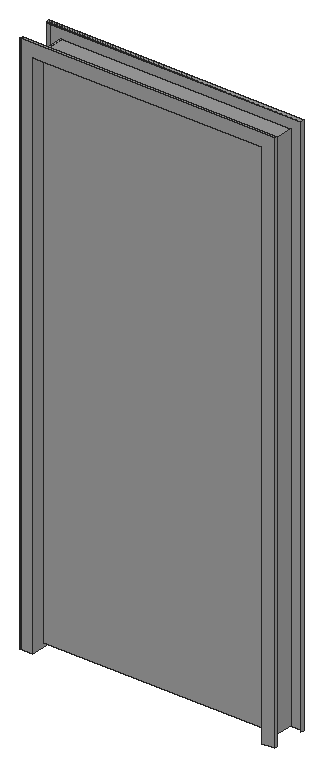
Revit family "gdlr200508_MMIDoor-COS", category Doors, host Wall, Revit 2014
Parameters (values of type "F")
  Wall Thickness [instance] = 0' - 6"
  Visual Light Transmittance = 0
  Vision Cutout = no
  Undercut [instance] = if(and(Desired Undercut > if(Nominal Height > 7' 11", 0' 0 11/16", 0' 0 1/4"), Desired Undercut < (3' 2" - 0' 4" - 0' 5 1/4")), Desired Undercut, if(Desired Undercut < 0' 0 3/4", if(Nominal Height > 7' 11", 0' 0 3/4", 0' 0 1/4"), (3' 2" - 0' 4" - 0' 5 1/4")))  # 0' - 0 3/4"
  URL = "http://mmiopenings.com/"
  Top Louver Blades [instance] = ((Top Cutout Height - 0' 0 11/16") / Louver Spacing)  # 11
  Narrow Cutout = no
  Top Glass = no
  Model = "COS-F"
  MMIOE HW Item VF [instance] = ""
  MMIOE HW Item MS [instance] = ""
  MMIOE HW Item LVR [instance] = ""
  MMIOE HW Item HNG [instance] = "dorma BTS75V"
  MMIOE HW Item ED [instance] = ""
  MMIOE HW Item DC [instance] = ""
  MMIOE HW Item DB [instance] = ""
  MMIOE HW Item CL [instance] = ""
  Louver Spacing [instance] = 0' - 1"  # constant formula
  Hinge Edge to Wall [instance] = if(Masonry, 0' 2 5/8", 0' 1 5/8")  # 0' - 2 5/8"
  Hardware Set = "01"
  Half Cutout = no
  Glass Finish [instance] = MMI Glass
  Desired Undercut [instance] = 0' - 0 3/4"
  Desired Cutout to Top [instance] = 0' - 0"
  Desired Cutout to Strike Edge [instance] = 0' - 0"
  Desired Cutout to Bottom [instance] = 0' - 0"
  Desired Bottom Cutout Width [instance] = 1' - 0"
  Desired Bottom Cutout Height [instance] = 1' - 0"
  Description = "Flush Single Door with Cased Opening Frame"
  Bottom Louver Blades [instance] = ((Bottom Cutout Height - 0' 0 11/16") / Louver Spacing)  # 11
  Bottom Glass = no
  Bottom Cutout to Strike Edge [instance] = (Net Width - Bottom Cutout Width) / 2  # 0' - 11 5/8"
  Bottom Cutout Width [instance] = if(and((Net Width - Desired Bottom Cutout Width) > (0' 5 5/8" * 2), Desired Bottom Cutout Width > 0' 3 15/16"), Desired Bottom Cutout Width, if(Desired Bottom Cutout Width < 0' 4", 0' 4", Net Width - (0' 5 5/8" * 2)))  # 1' - 0"
  Bottom Cutout Visibility [instance] = if(Bottom Cutout, 0' 1 3/4", -0' 1 3/4")  # -0' - 1 3/4"
  Bottom Cutout Height [instance] = if(and(Desired Bottom Cutout Height < (3' 2" - 0' 5 1/4"), Desired Bottom Cutout Height > 0' 3 15/16"), Desired Bottom Cutout Height, if(Desired Bottom Cutout Height < 0' 4", 0' 4", (3' 2" - 0' 5 1/4")))  # 1' - 0"
  Bottom Cutout = no
  Full Cutout = no
  Desired Top Cutout Width [instance] = 1' - 0"
  Desired Top Cutout Height [instance] = 1' - 0"
  Cutout to Top [instance] = if(and(Desired Cutout to Top > 0' 7 13/16", Desired Cutout to Top < Nominal Height - if(Full Cutout, 0' 0 1/8" + Top Cutout Height + Undercut + 0' 5 1/4", 0' 0 1/8" + Top Cutout Height + 3' 8")), Desired Cutout to Top, if(Desired Cutout to Top < 0' 7 7/8", 0' 7 7/8", Nominal Height - 0' 0 1/8" - Top Cutout Height - if(Full Cutout, Undercut + 0' 5 1/4", 3' 8")))  # 0' - 7 7/8"
  Top Cutout to Strike Edge [instance] = if(Narrow Cutout, if(and(Desired Cutout to Strike Edge > 0' 5 5/8", Desired Cutout to Strike Edge < Net Width - Top Cutout Width - 0' 5 5/8"), Desired Cutout to Strike Edge, 0' 5 5/8"), (Net Width - Top Cutout Width) / 2)  # 0' - 11 5/8"
  Cutout to Bottom [instance] = if(and(Desired Cutout to Bottom > 0' 5 3/16", Desired Cutout to Bottom < (3' 2" - Bottom Cutout Height)), Desired Cutout to Bottom, if(Desired Cutout to Bottom < 0' 5 1/4", 0' 5 1/4", 3' 2" - Bottom Cutout Height))  # 0' - 5 1/4"
  Thickness = 0' - 1 3/4"  # constant formula
  Thermal Resistance (R) = 0.2701 (m²·K)/W
  Solar Heat Gain Coefficient = 0
  Rough Width [instance] = Nominal Width + Frame Width Inset  # 3' - 4"
  Rough Height [instance] = Nominal Height + Frame Height Inset  # 7' - 2"
  Nominal Width [instance] = if(and(Desired Nominal Width < 4' 0 1/16", Desired Nominal Width > 1' 0"), Desired Nominal Width, if(Desired Nominal Width > 4' 0 1/16", 4' 0", 1' 0"))  # 3' - 0"
  Nominal Height [instance] = if(and(Desired Nominal Height < 8' 0 1/16", Desired Nominal Height > 6' 8"), Desired Nominal Height, if(Desired Nominal Height > 8' 0 1/16", 8' 0", 6' 8"))  # 7' - 0"
  Net Width [instance] = Nominal Width - 0' 0 5/8" - 0' 0 1/8"  # 2' - 11 1/4"
  Net Height [instance] = Nominal Height - Undercut - 0' 0 1/8"  # 6' - 11 1/8"
  Masonry Frame Profile [instance] = if(Masonry, if(and(Desired Profile < 1' 1 1/2", Desired Profile > 0' 3 3/4"), Desired Profile, if(Desired Profile > 1' 1 1/2", 1' 1 1/2", 0' 3 3/4")), Wall Thickness)  # 0' - 5 3/4"
  Frame Inset [instance] = (Wall Thickness - Masonry Frame Profile) / 2  # 0' - 0 1/8"
  Masonry [instance] = yes
  Manufacturer = "Metal Maufacturing Industries"
  Lock Height [instance] = 3' 3 9/16" + 0' 0 3/4"  # 3' - 4 5/16"
  Jamb Face [instance] = 0' - 2"  # constant formula
  Inset Calculate [instance] = Frame Inset + 0' 0 1/2" + (Masonry Frame Profile / 2) - (Thickness / 2)  # 0' - 2 5/8"
  Heat Transfer Coefficient (U) = 3.7021 W/(m²·K)
  Header Face [instance] = 0' - 2"  # constant formula
  Function = Exterior
  Frame Width Inset [instance] = if(Masonry, Jamb Face * 2, 0' 2")  # 0' - 4"
  Frame Projection Ext. = 0' - 1"
  Frame Projection Int. = 0' - 1"
  Frame Width = 0' - 3"
  Height = 7' - 0"
  Wall Closure = By host
  Width = 3' - 0"
  Frame Height Inset [instance] = if(Masonry, Header Face, 0' 1")  # 0' - 2"
  Frame Finish [instance] = MMI Gray Primer
  Drywall Frame Profile [instance] = if(Masonry, Wall Thickness + 0' 1", if(Wall Thickness < 0' 8 1/2", Wall Thickness + 0' 1", 0' 9 1/2"))  # 0' - 7"
  Drywall [instance] = not(Masonry)  # no
  Door Type [instance] = "Flush"
  Door Material [instance] = "Cold Rolled"
  Door Gauge [instance] = "18"
  Door Finish [instance] = MMI Gray Primer
  Desired Profile [instance] = 0' - 5 3/4"
  Desired Nominal Width [instance] = 3' - 0"
  Desired Nominal Height [instance] = 7' - 0"
  Top Cutout Width [instance] = if(and((Net Width - Desired Top Cutout Width) > (0' 5 5/8" * 2), Desired Top Cutout Width > 0' 3 15/16"), Desired Top Cutout Width, if(Desired Top Cutout Width < 0' 4", 0' 4", Net Width - (0' 5 5/8" * 2)))  # 1' - 0"
  Top Cutout Height [instance] = if(and(Desired Top Cutout Height < (Nominal Height - 0' 8" - Undercut - 0' 5 1/4"), Desired Top Cutout Height > 0' 3 15/16"), Desired Top Cutout Height, if(Desired Top Cutout Height < 0' 4", 0' 4", Nominal Height - 0' 8" - Undercut - 0' 5 1/4"))  # 1' - 0"
  Top Cutout Visibility [instance] = if(or(or(Vision Cutout, Narrow Cutout), or(Half Cutout, Full Cutout)), 0' 1 3/4", -0' 1 3/4")  # -0' - 1 3/4"
  Core [instance] = "Honey Comb"
  Bottom Louver = no
  Backset [instance] = 0' - 2 3/4"  # constant formula
  Analytic Construction = "Metal"
  Top Louver = no
Types (11): name | Vision Cutout | Top Louver Blades | Narrow Cutout | Top Glass | Model | MMIOE HW Item VF | MMIOE HW Item LVR | Hardware Set | Half Cutout | Desired Cutout to Top | Desired Cutout to Strike Edge | Desired Cutout to Bottom | Desired Bottom Cutout Width | Desired Bottom Cutout Height | Description | Bottom Louver Blades | Bottom Glass | Bottom Cutout to Strike Edge | Bottom Cutout Width | Bottom Cutout Visibility | Bottom Cutout Height | Bottom Cutout | Full Cutout | Desired Top Cutout Width | Desired Top Cutout Height | Cutout to Top | Top Cutout to Strike Edge | Door Type | Top Cutout Width | Top Cutout Height | Top Cutout Visibility | Bottom Louver | Top Louver
  (no name) | no | 11 | no | no | "COS-F" | "" | "" | "01" | no | 0' - 0" | 0' - 0" | 0' - 0" | 1' - 0" | 1' - 0" | "Flush Single Door with Cased Opening Frame" | 11 | no | 0' - 11 5/8" | 1' - 0" | -0' - 1 3/4" | 1' - 0" | no | no | 1' - 0" | 1' - 0" | 0' - 7 7/8" | 0' - 11 5/8" | "Flush" | 1' - 0" | 1' - 0" | -0' - 1 3/4" | no | no
  F | no | 11 | no | no | "COS-F" | "" | "" | "01" | no | 0' - 0" | 0' - 0" | 0' - 0" | 1' - 0" | 1' - 0" | "Flush Single Door with Cased Opening Frame" | 11 | no | 0' - 11 5/8" | 1' - 0" | -0' - 1 3/4" | 1' - 0" | no | no | 1' - 0" | 1' - 0" | 0' - 7 7/8" | 0' - 11 5/8" | "Flush" | 1' - 0" | 1' - 0" | -0' - 1 3/4" | no | no
  HG | no | 31 | no | yes | "COS-HG" | "anemostat LOPRO" | "" | "06" | yes | 0' - 7 7/8" | 0' - 0" | 0' - 0" | 0' - 0" | 0' - 0" | "Half Glass Single Door with Cased Opening Frame" | 3 | no | 1' - 3 5/8" | 0' - 4" | -0' - 1 3/4" | 0' - 4" | no | no | 2' - 0" | 2' - 8" | 0' - 7 7/8" | 0' - 5 5/8" | "Half Glass" | 2' - 0" | 2' - 8" | 0' - 1 3/4" | no | no
  V | yes | 11 | no | yes | "COS-V" | "anemostat LOPRO" | "" | "10" | no | 0' - 7 7/8" | 0' - 0" | 0' - 0" | 0' - 0" | 0' - 0" | "Vision Single Door with Cased Opening Frame" | 3 | no | 1' - 3 5/8" | 0' - 4" | -0' - 1 3/4" | 0' - 4" | no | no | 1' - 0" | 1' - 0" | 0' - 7 7/8" | 0' - 11 5/8" | "Vision" | 1' - 0" | 1' - 0" | 0' - 1 3/4" | no | no
  NG | no | 34 | yes | yes | "COS-NG" | "anemostat LOPRO" | "" | "09" | no | 0' - 7 7/8" | 0' - 5 7/8" | 0' - 0" | 0' - 0" | 0' - 0" | "Narrow Glass Single Door with Cased Opening Frame" | 3 | no | 1' - 3 5/8" | 0' - 4" | -0' - 1 3/4" | 0' - 4" | no | no | 0' - 6" | 2' - 11" | 0' - 4 7/8" | 0' - 5 7/8" | "Narrow Glass" | 0' - 6" | 2' - 11" | 0' - 1 3/4" | no | no
  G2 | no | 31 | no | yes | "OOS-G2" | "anemostat LOPRO" | "" | "04" | yes | 0' - 7 7/8" | 0' - 0" | 0' - 5 1/4" | 3' - 0" | 2' - 8" | "Double Glass Single Door with Cased Opening Frame" | 31 | yes | 0' - 5 5/8" | 2' - 0" | 0' - 1 3/4" | 2' - 8" | yes | no | 3' - 0" | 2' - 8" | 0' - 7 7/8" | 0' - 5 5/8" | "Double Glass" | 2' - 0" | 2' - 8" | 0' - 1 3/4" | no | no
  L2 | no | 31 | no | no | "COS-L2" | "" | "anemostat AFDL" | "08" | yes | 0' - 7 7/8" | 0' - 0" | 0' - 5 1/4" | 2' - 0" | 2' - 8" | "Double Louver Single Door with Cased Opening Frame" | 31 | no | 0' - 5 5/8" | 2' - 0" | 0' - 1 3/4" | 2' - 8" | yes | no | 2' - 0" | 2' - 8" | 0' - 7 7/8" | 0' - 5 5/8" | "Double Louver" | 2' - 0" | 2' - 8" | 0' - 1 3/4" | yes | yes
  L | no | 3 | no | no | "COS-L" | "" | "anemostat AFDL" | "07" | no | 0' - 0" | 0' - 0" | 0' - 5 1/4" | 2' - 0" | 1' - 0" | "Louver Single Door with Cased Opening Frame" | 11 | no | 0' - 5 5/8" | 2' - 0" | 0' - 1 3/4" | 1' - 0" | yes | no | 0' - 0" | 0' - 0" | 0' - 7 7/8" | 1' - 3 5/8" | "Louver" | 0' - 4" | 0' - 4" | -0' - 1 3/4" | yes | no
  GL | no | 31 | no | yes | "COS-GL" | "anemostat LOPRO" | "anemostat AFDL" | "05" | yes | 0' - 7 7/8" | 0' - 0" | 0' - 5 1/4" | 2' - 0" | 1' - 0" | "Glass & Louver Single Door with Cased Opening Frame" | 11 | no | 0' - 5 5/8" | 2' - 0" | 0' - 1 3/4" | 1' - 0" | yes | no | 2' - 0" | 2' - 8" | 0' - 7 7/8" | 0' - 5 5/8" | "Glass & Louver" | 2' - 0" | 2' - 8" | 0' - 1 3/4" | yes | no
  FL | no | 69 | no | no | "COS-FL" | "" | "anemostat LOPRO" | "03" | no | 0' - 7 7/8" | 0' - 0" | 0' - 0" | 0' - 0" | 0' - 0" | "Full Louver Single Door with Cased Opening Frame" | 3 | no | 1' - 3 5/8" | 0' - 4" | -0' - 1 3/4" | 0' - 4" | no | yes | 2' - 0" | 5' - 10" | 0' - 7 7/8" | 0' - 5 5/8" | "Full Louver" | 2' - 0" | 5' - 10" | 0' - 1 3/4" | no | yes
  FG | no | 65 | no | yes | "COS-FG" | "anemostat LOPRO" | "" | "02" | no | 0' - 7 7/8" | 0' - 0" | 0' - 0" | 0' - 0" | 0' - 0" | "Full Glass Single Door with Cased Opening Frame" | 3 | no | 1' - 3 5/8" | 0' - 4" | -0' - 1 3/4" | 0' - 4" | no | yes | 2' - 0" | 5' - 6" | 0' - 7 7/8" | 0' - 5 5/8" | "Full Glass" | 2' - 0" | 5' - 6" | 0' - 1 3/4" | no | no
Reference planes (in)
  plane 1: y = 0
  plane 2 "Center (Left/Right)": x = 0
  plane 3 "Left": x = -20
  plane 4 "Right": x = 20
  plane 5: z = 86
  plane 6 "Exterior": y = 3
  plane 7 "Interior": y = -3
  plane 8: y = 3.5
  plane 9: y = -3.5
  plane 10 "Door Face": y = 0.875
Forms (in)
  Sweep 1, solid, material "MMI Gray Primer" <- "Frame Finish", visible <- "Masonry"
    path origin (-196.85039, 0, 0) x (-1, 0, 0) y (0, 0, 1)
      loop
        line (-216.85039, 0) -> (-216.85039, 86) -> (-176.85039, 86) -> (-176.85039, 0)
    profile origin (20, 0, 43) x (1, 0, 0) y (0, 1, 0)
      loop
        line (0, 2.375) -> (0, 2.875) -> (-2, 2.875) -> (-2, -2.875) -> (0, -2.875) -> (0, -2.375) -> (-0.0625, -2.375) -> (-0.0625, -2.8125) -> (-1.9375, -2.8125) -> (-1.9375, 2.8125) -> (-0.0625, 2.8125) -> (-0.0625, 2.375) -> (0, 2.375)
  Sweep 2, solid, material "MMI Gray Primer" <- "Frame Finish", visible <- "Drywall"
    path origin (-196.85039, 0, 0) x (-1, 0, 0) y (0, 0, 1)
      loop
        line (-176.85039, 0) -> (-176.85039, 86) -> (-216.85039, 86) -> (-216.85039, 0)
    profile origin (20, 0, 43) x (0, 1, 0) y (-1, 0, 0)
      loop
        line (3, -1) -> (3.5, -1) -> (3.5, 1) -> (-3.5, 1) -> (-3.5, -1) -> (-3, -1) -> (-3, -0.75) -> (-3.0625, -0.75) -> (-3.0625, -0.9375) -> (-3.4375, -0.9375) -> (-3.4375, 0.9375) -> (3.4375, 0.9375) -> (3.4375, -0.9375) -> (3.0625, -0.9375) -> (3.0625, -0.75) -> (3, -0.75) -> (3, -1)
  Extrusion 3, solid, material "MMI Gray Primer" <- "Door Finish", detail levels medium+fine
    sketch origin (0, 0.875, 0) x (1, 0, 0) y (0, 0, 1)
      loop
        line (17.375, 0.75) -> (17.375, 83.875) -> (-17.875, 83.875) -> (-17.875, 0.75) -> (17.375, 0.75)
    from 0 to 1.75
  Extrusion 4, void
    sketch origin (0, 0.875, 0) x (1, 0, 0) y (0, 0, 1)
      loop
        line (5.75, 76) -> (-6.25, 76) -> (-6.25, 64) -> (5.75, 64) -> (5.75, 76)
    from -0.5 to -1.75 <- "Top Cutout Visibility"
  Extrusion 5, void
    sketch origin (0, 0.875, -38) x (1, 0, 0) y (0, 0, 1)
      loop
        line (5.75, 56) -> (-6.25, 56) -> (-6.25, 44) -> (5.75, 44) -> (5.75, 56)
    from -0.5 to -1.75 <- "Bottom Cutout Visibility"
  Extrusion 6, solid, material "MMI Glass" <- "Glass Finish", visible <- "Top Glass", detail levels fine
    sketch origin (0, 0.875, 0) x (1, 0, 0) y (0, 0, 1)
      loop
        line (5.75, 76) -> (-6.25, 76) -> (-6.25, 64) -> (5.75, 64) -> (5.75, 76)
    from 0.75 to 1
  Sweep 7, solid, material "Satin Chrome", visible <- "Top Glass", detail levels fine
    path origin (0, -0.125, 0) x (1, 0, 0) y (0, 0, 1)
      loop
        line (5.75, 64) -> (5.75, 76) -> (-6.25, 76) -> (-6.25, 64) -> (5.75, 64)
    profile origin (5.75, -0.125, 70) x (-1, 0, 0) y (0, -1, 0)
      loop
        line (-0.5, -1) -> (-0.5, -1.07813) -> (0.5, -1.07813) -> (1, -0.3125) -> (0, -0.3125) -> (0, 0.0625) -> (1, 0.0625) -> (0.5, 0.82812) -> (-0.5, 0.82812) -> (-0.5, 0.75) -> (0.45771, 0.75) -> (0.85567, 0.14062) -> (-0.07813, 0.14062) -> (-0.07813, -0.39063) -> (0.85567, -0.39063) -> (0.45771, -1) -> (-0.5, -1)
  Sweep 8, solid, material "Satin Chrome", visible <- "Bottom Glass", detail levels fine
    path origin (0, -0.125, -38) x (1, 0, 0) y (0, 0, 1)
      loop
        line (5.75, 44) -> (5.75, 56) -> (-6.25, 56) -> (-6.25, 44) -> (5.75, 44)
    profile origin (5.75, -0.125, 12) x (-1, 0, 0) y (0, -1, 0)
      loop
        line (-0.5, -1) -> (-0.5, -1.07813) -> (0.5, -1.07813) -> (1, -0.3125) -> (0, -0.3125) -> (0, 0.0625) -> (1, 0.0625) -> (0.5, 0.82812) -> (-0.5, 0.82812) -> (-0.5, 0.75) -> (0.45771, 0.75) -> (0.85567, 0.14062) -> (-0.07813, 0.14062) -> (-0.07813, -0.39063) -> (0.85567, -0.39063) -> (0.45771, -1) -> (-0.5, -1)
  Sweep 9, solid, material "Satin Chrome", visible <- "Bottom Louver", detail levels fine
    path origin (0, -0.125, 0) x (1, 0, 0) y (0, 0, 1)
      loop
        line (5.75, 6) -> (5.75, 18) -> (-6.25, 18) -> (-6.25, 6) -> (5.75, 6)
    profile origin (-0.25, -0.125, 6) x (0, 0, -1) y (0, -1, 0)
      loop
        line (0.4375, 0.75) -> (0.25, 1) -> (-0.6875, 1) -> (-0.6875, 0.4375) -> (-0.125, 0.4375) -> (-0.125, -0.6875) -> (-0.6875, -0.6875) -> (-0.6875, -1.25) -> (0.25, -1.25) -> (0.4375, -1) -> (0.36914, -1) -> (0.22266, -1.19531) -> (-0.63281, -1.19531) -> (-0.63281, -0.74219) -> (-0.07031, -0.74219) -> (-0.07031, 0.49219) -> (-0.63281, 0.49219) -> (-0.63281, 0.94531) -> (0.22266, 0.94531) -> (0.36914, 0.75) -> (0.4375, 0.75)
  Sweep 10, solid, material "Satin Chrome", visible <- "Top Louver", detail levels fine
    path origin (0, -0.125, 38) x (1, 0, 0) y (0, 0, 1)
      loop
        line (5.75, 26) -> (5.75, 38) -> (-6.25, 38) -> (-6.25, 26) -> (5.75, 26)
    profile origin (-0.25, -0.125, 64) x (0, 0, -1) y (0, -1, 0)
      loop
        line (0.4375, 0.75) -> (0.25, 1) -> (-0.6875, 1) -> (-0.6875, 0.4375) -> (-0.125, 0.4375) -> (-0.125, -0.6875) -> (-0.6875, -0.6875) -> (-0.6875, -1.25) -> (0.25, -1.25) -> (0.4375, -1) -> (0.36914, -1) -> (0.22266, -1.19531) -> (-0.63281, -1.19531) -> (-0.63281, -0.74219) -> (-0.07031, -0.74219) -> (-0.07031, 0.49219) -> (-0.63281, 0.49219) -> (-0.63281, 0.94531) -> (0.22266, 0.94531) -> (0.36914, 0.75) -> (0.4375, 0.75)
  Extrusion 11, solid, material "Satin Chrome", visible <- "Bottom Louver", detail levels fine
    sketch origin (5.75, 0.875, 6) x (0, 0, 1) y (0, 1, 0)
      loop
        line (0.6875, -0.3125) -> (0.6875, -0.35937) -> (1.10558, -0.35937) -> (1.62121, -0.875) -> (1.10558, -1.39062) -> (0.6875, -1.39062) -> (0.6875, -1.4375) -> (1.125, -1.4375) -> (1.6875, -0.875) -> (1.125, -0.3125) -> (0.6875, -0.3125)
    from 0 to 12 <- "Bottom Cutout Width"
  Extrusion 12, solid, material "Satin Chrome", visible <- "Bottom Louver", detail levels fine
    sketch origin (5.75, 0.875, 7) x (0, 0, 1) y (0, 1, 0)
      loop
        line (0.6875, -0.3125) -> (0.6875, -0.35937) -> (1.10558, -0.35937) -> (1.62121, -0.875) -> (1.10558, -1.39062) -> (0.6875, -1.39062) -> (0.6875, -1.4375) -> (1.125, -1.4375) -> (1.6875, -0.875) -> (1.125, -0.3125) -> (0.6875, -0.3125)
    from 0 to 12 <- "Bottom Cutout Width"
  Extrusion 13, solid, material "MMI Glass" <- "Glass Finish", visible <- "Bottom Glass", detail levels fine
    sketch origin (0, 0.875, -38) x (1, 0, 0) y (0, 0, 1)
      loop
        line (5.75, 56) -> (-6.25, 56) -> (-6.25, 44) -> (5.75, 44) -> (5.75, 56)
    from 0.75 to 1
  Extrusion 14, solid, material "Satin Chrome", visible <- "Top Louver", detail levels fine
    sketch origin (5.75, 0.875, 48) x (0, 0, 1) y (0, 1, 0)
      loop
        line (26.75, -0.3125) -> (26.3125, -0.3125) -> (26.3125, -0.35937) -> (26.73058, -0.35937) -> (27.24621, -0.875) -> (26.73058, -1.39062) -> (26.3125, -1.39062) -> (26.3125, -1.4375) -> (26.75, -1.4375) -> (27.3125, -0.875) -> (26.75, -0.3125)
    from 0 to 12 <- "Top Cutout Width"
  Extrusion 15, solid, material "Satin Chrome", visible <- "Top Louver", detail levels fine
    sketch origin (5.75, 0.875, 47) x (0, 0, 1) y (0, 1, 0)
      loop
        line (26.75, -0.3125) -> (26.3125, -0.3125) -> (26.3125, -0.35937) -> (26.73058, -0.35937) -> (27.24621, -0.875) -> (26.73058, -1.39062) -> (26.3125, -1.39062) -> (26.3125, -1.4375) -> (26.75, -1.4375) -> (27.3125, -0.875) -> (26.75, -0.3125)
    from 0 to 12 <- "Top Cutout Width"
  Extrusion 16, solid, material "Satin Chrome", visible <- "Bottom Louver", detail levels fine
    sketch origin (5.75, 0.875, 8) x (0, 0, 1) y (0, 1, 0)
      loop
        line (0.6875, -0.3125) -> (0.6875, -0.35937) -> (1.10558, -0.35937) -> (1.62121, -0.875) -> (1.10558, -1.39062) -> (0.6875, -1.39062) -> (0.6875, -1.4375) -> (1.125, -1.4375) -> (1.6875, -0.875) -> (1.125, -0.3125) -> (0.6875, -0.3125)
    from 0 to 12 <- "Bottom Cutout Width"
  Extrusion 17, solid, material "Satin Chrome", visible <- "Top Louver", detail levels fine
    sketch origin (5.75, 0.875, 46) x (0, 0, 1) y (0, 1, 0)
      loop
        line (26.75, -0.3125) -> (26.3125, -0.3125) -> (26.3125, -0.35937) -> (26.73058, -0.35937) -> (27.24621, -0.875) -> (26.73058, -1.39062) -> (26.3125, -1.39062) -> (26.3125, -1.4375) -> (26.75, -1.4375) -> (27.3125, -0.875) -> (26.75, -0.3125)
    from 0 to 12 <- "Top Cutout Width"
  Extrusion 18, solid, material "Satin Chrome", visible <- "Bottom Louver", detail levels fine
    sketch origin (5.75, 0.875, 9) x (0, 0, 1) y (0, 1, 0)
      loop
        line (0.6875, -0.3125) -> (0.6875, -0.35937) -> (1.10558, -0.35937) -> (1.62121, -0.875) -> (1.10558, -1.39062) -> (0.6875, -1.39062) -> (0.6875, -1.4375) -> (1.125, -1.4375) -> (1.6875, -0.875) -> (1.125, -0.3125) -> (0.6875, -0.3125)
    from 0 to 12 <- "Bottom Cutout Width"
  Extrusion 19, solid, material "Satin Chrome", visible <- "Bottom Louver", detail levels fine
    sketch origin (5.75, 0.875, 10) x (0, 0, 1) y (0, 1, 0)
      loop
        line (0.6875, -0.3125) -> (0.6875, -0.35937) -> (1.10558, -0.35937) -> (1.62121, -0.875) -> (1.10558, -1.39062) -> (0.6875, -1.39062) -> (0.6875, -1.4375) -> (1.125, -1.4375) -> (1.6875, -0.875) -> (1.125, -0.3125) -> (0.6875, -0.3125)
    from 0 to 12 <- "Bottom Cutout Width"
  Extrusion 20, solid, material "Satin Chrome", visible <- "Bottom Louver", detail levels fine
    sketch origin (5.75, 0.875, 11) x (0, 0, 1) y (0, 1, 0)
      loop
        line (0.6875, -0.3125) -> (0.6875, -0.35937) -> (1.10558, -0.35937) -> (1.62121, -0.875) -> (1.10558, -1.39062) -> (0.6875, -1.39062) -> (0.6875, -1.4375) -> (1.125, -1.4375) -> (1.6875, -0.875) -> (1.125, -0.3125) -> (0.6875, -0.3125)
    from 0 to 12 <- "Bottom Cutout Width"
  Extrusion 21, solid, material "Satin Chrome", visible <- "Bottom Louver", detail levels fine
    sketch origin (5.75, 0.875, 12) x (0, 0, 1) y (0, 1, 0)
      loop
        line (0.6875, -0.3125) -> (0.6875, -0.35937) -> (1.10558, -0.35937) -> (1.62121, -0.875) -> (1.10558, -1.39062) -> (0.6875, -1.39062) -> (0.6875, -1.4375) -> (1.125, -1.4375) -> (1.6875, -0.875) -> (1.125, -0.3125) -> (0.6875, -0.3125)
    from 0 to 12 <- "Bottom Cutout Width"
  Extrusion 22, solid, material "Satin Chrome", visible <- "Bottom Louver", detail levels fine
    sketch origin (5.75, 0.875, 13) x (0, 0, 1) y (0, 1, 0)
      loop
        line (0.6875, -0.3125) -> (0.6875, -0.35937) -> (1.10558, -0.35937) -> (1.62121, -0.875) -> (1.10558, -1.39062) -> (0.6875, -1.39062) -> (0.6875, -1.4375) -> (1.125, -1.4375) -> (1.6875, -0.875) -> (1.125, -0.3125) -> (0.6875, -0.3125)
    from 0 to 12 <- "Bottom Cutout Width"
  Extrusion 23, solid, material "Satin Chrome", visible <- "Bottom Louver", detail levels fine
    sketch origin (5.75, 0.875, 14) x (0, 0, 1) y (0, 1, 0)
      loop
        line (0.6875, -0.3125) -> (0.6875, -0.35937) -> (1.10558, -0.35937) -> (1.62121, -0.875) -> (1.10558, -1.39062) -> (0.6875, -1.39062) -> (0.6875, -1.4375) -> (1.125, -1.4375) -> (1.6875, -0.875) -> (1.125, -0.3125) -> (0.6875, -0.3125)
    from 0 to 12 <- "Bottom Cutout Width"
  Extrusion 24, solid, material "Satin Chrome", visible <- "Bottom Louver", detail levels fine
    sketch origin (5.75, 0.875, 15) x (0, 0, 1) y (0, 1, 0)
      loop
        line (0.6875, -0.3125) -> (0.6875, -0.35937) -> (1.10558, -0.35937) -> (1.62121, -0.875) -> (1.10558, -1.39062) -> (0.6875, -1.39062) -> (0.6875, -1.4375) -> (1.125, -1.4375) -> (1.6875, -0.875) -> (1.125, -0.3125) -> (0.6875, -0.3125)
    from 0 to 12 <- "Bottom Cutout Width"
  Extrusion 25, solid, material "Satin Chrome", visible <- "Bottom Louver", detail levels fine
    sketch origin (5.75, 0.875, 16) x (0, 0, 1) y (0, 1, 0)
      loop
        line (0.6875, -0.3125) -> (0.6875, -0.35937) -> (1.10558, -0.35937) -> (1.62121, -0.875) -> (1.10558, -1.39062) -> (0.6875, -1.39062) -> (0.6875, -1.4375) -> (1.125, -1.4375) -> (1.6875, -0.875) -> (1.125, -0.3125) -> (0.6875, -0.3125)
    from 0 to 12 <- "Bottom Cutout Width"
  Extrusion 26, solid, material "Satin Chrome", visible <- "Top Louver", detail levels fine
    sketch origin (5.75, 0.875, 45) x (0, 0, 1) y (0, 1, 0)
      loop
        line (26.75, -0.3125) -> (26.3125, -0.3125) -> (26.3125, -0.35937) -> (26.73058, -0.35937) -> (27.24621, -0.875) -> (26.73058, -1.39062) -> (26.3125, -1.39062) -> (26.3125, -1.4375) -> (26.75, -1.4375) -> (27.3125, -0.875) -> (26.75, -0.3125)
    from 0 to 12 <- "Top Cutout Width"
  Extrusion 27, solid, material "Satin Chrome", visible <- "Top Louver", detail levels fine
    sketch origin (5.75, 0.875, 44) x (0, 0, 1) y (0, 1, 0)
      loop
        line (26.75, -0.3125) -> (26.3125, -0.3125) -> (26.3125, -0.35937) -> (26.73058, -0.35937) -> (27.24621, -0.875) -> (26.73058, -1.39062) -> (26.3125, -1.39062) -> (26.3125, -1.4375) -> (26.75, -1.4375) -> (27.3125, -0.875) -> (26.75, -0.3125)
    from 0 to 12 <- "Top Cutout Width"
  Extrusion 28, solid, material "Satin Chrome", visible <- "Top Louver", detail levels fine
    sketch origin (5.75, 0.875, 43) x (0, 0, 1) y (0, 1, 0)
      loop
        line (26.75, -0.3125) -> (26.3125, -0.3125) -> (26.3125, -0.35937) -> (26.73058, -0.35937) -> (27.24621, -0.875) -> (26.73058, -1.39062) -> (26.3125, -1.39062) -> (26.3125, -1.4375) -> (26.75, -1.4375) -> (27.3125, -0.875) -> (26.75, -0.3125)
    from 0 to 12 <- "Top Cutout Width"
  Extrusion 29, solid, material "Satin Chrome", visible <- "Top Louver", detail levels fine
    sketch origin (5.75, 0.875, 42) x (0, 0, 1) y (0, 1, 0)
      loop
        line (26.75, -0.3125) -> (26.3125, -0.3125) -> (26.3125, -0.35937) -> (26.73058, -0.35937) -> (27.24621, -0.875) -> (26.73058, -1.39062) -> (26.3125, -1.39062) -> (26.3125, -1.4375) -> (26.75, -1.4375) -> (27.3125, -0.875) -> (26.75, -0.3125)
    from 0 to 12 <- "Top Cutout Width"
  Extrusion 30, solid, material "Satin Chrome", visible <- "Top Louver", detail levels fine
    sketch origin (5.75, 0.875, 41) x (0, 0, 1) y (0, 1, 0)
      loop
        line (26.75, -0.3125) -> (26.3125, -0.3125) -> (26.3125, -0.35937) -> (26.73058, -0.35937) -> (27.24621, -0.875) -> (26.73058, -1.39062) -> (26.3125, -1.39062) -> (26.3125, -1.4375) -> (26.75, -1.4375) -> (27.3125, -0.875) -> (26.75, -0.3125)
    from 0 to 12 <- "Top Cutout Width"
  Extrusion 31, solid, material "Satin Chrome", visible <- "Top Louver", detail levels fine
    sketch origin (5.75, 0.875, 40) x (0, 0, 1) y (0, 1, 0)
      loop
        line (26.75, -0.3125) -> (26.3125, -0.3125) -> (26.3125, -0.35937) -> (26.73058, -0.35937) -> (27.24621, -0.875) -> (26.73058, -1.39062) -> (26.3125, -1.39062) -> (26.3125, -1.4375) -> (26.75, -1.4375) -> (27.3125, -0.875) -> (26.75, -0.3125)
    from 0 to 12 <- "Top Cutout Width"
  Extrusion 32, solid, material "Satin Chrome", visible <- "Top Louver", detail levels fine
    sketch origin (5.75, 0.875, 39) x (0, 0, 1) y (0, 1, 0)
      loop
        line (26.75, -0.3125) -> (26.3125, -0.3125) -> (26.3125, -0.35937) -> (26.73058, -0.35937) -> (27.24621, -0.875) -> (26.73058, -1.39062) -> (26.3125, -1.39062) -> (26.3125, -1.4375) -> (26.75, -1.4375) -> (27.3125, -0.875) -> (26.75, -0.3125)
    from 0 to 12 <- "Top Cutout Width"
  Extrusion 33, solid, material "Satin Chrome", visible <- "Top Louver", detail levels fine
    sketch origin (5.75, 0.875, 38) x (0, 0, 1) y (0, 1, 0)
      loop
        line (26.75, -0.3125) -> (26.3125, -0.3125) -> (26.3125, -0.35937) -> (26.73058, -0.35937) -> (27.24621, -0.875) -> (26.73058, -1.39062) -> (26.3125, -1.39062) -> (26.3125, -1.4375) -> (26.75, -1.4375) -> (27.3125, -0.875) -> (26.75, -0.3125)
    from 0 to 12 <- "Top Cutout Width"
Cuts and joins
  Extrusion 4, Extrusion 5 cuts Extrusion 3
Lines and regions (in)
  Opening 1
    outline origin (-120.07874, -3, 0) x (1, 0, 0) y (0, 0, 1)
      loop
        line (100.07874, 0) -> (140.07874, 0) -> (140.07874, 86) -> (100.07874, 86) -> (100.07874, 0)
  symbolic lines, style "DoorsPanelProjection"
    curve 1: line (17.375, 0.875, 0) -> (15.625, 0.875, 0)
    curve 2: line (17.375, 36.125, 0) -> (17.375, 0.875, 0)
    curve 3: line (15.625, 36.125, 0) -> (17.375, 36.125, 0)
    curve 4: line (15.625, 0.875, 0) -> (15.625, 36.125, 0)
    curve 8: line (17.375, -36.125, 0) -> (17.375, -0.875, 0)
  symbolic lines, style "Plan Swing"
    curve 5: arc (17.375, 36.125, 0) -> (-7.55051, 25.80051, 0) -> (-17.875, 0.875, 0) r 35.25
    curve 9: arc (17.375, -36.125, 0) -> (-7.55051, -25.80051, 0) -> (-17.875, -0.875, 0) r 35.25
  symbolic lines, style "Elevation Swing"
    curve 6: line (17.875, 0.875, 83.875) -> (-17.875, 0.875, 39.72743)
    curve 7: line (-17.875, 0.875, 39.72743) -> (17.875, 0.875, 0.75)
Text (in)
  text "Exterior" at (-90.35496, 43.28909, 0), in view "Ref. Level"
  text "Exterior" at (0, 63.59764, 145.59372), in view "Left"
  text "Exterior" at (0, 40.78868, 152.55637), in view "Right"
Dimensions and locks (in)
  equal spacing: plane 3 "Left", plane 2 "Center (Left/Right)", plane 4 "Right"
  "Rough Width": plane 3 "Left" to plane 4 "Right"
  host wall to plane 5 = 7' - 2"
  "Rough Height": host wall to plane 5
  locked: plane 6 "Exterior" to host wall at 0
  locked: plane 7 "Interior" to host wall
  equal spacing: Sweep 1 sketch curve, profile plane, Sweep 1 sketch curve
  profile plane to Sweep 2 sketch curve = 0' - 1"
  "Jamb Face": Sweep 2 sketch curve to Sweep 2 sketch curve
  Sweep 2 sketch curve to Sweep 2 sketch curve = 0' - 0 1/4"
  Sweep 2 sketch curve to Sweep 2 sketch curve = 0' - 0 1/2"
  equal spacing: Sweep 2 sketch curve, profile plane, Sweep 2 sketch curve
  equal spacing: Sweep 1, plane 2 "Center (Left/Right)", Sweep 1
  "Frame Inset": Sweep 1 to plane 6 "Exterior"
  "Inset Calculate": plane 10 "Door Face" to plane 8
  plane 6 "Exterior" to plane 8 = 0' - 0 1/2"
  "Undercut": level to Extrusion 3 sketch curve
  "Net Width": Extrusion 3 sketch curve to Extrusion 3 sketch curve
  "Net Height": Extrusion 3 sketch curve to Extrusion 3 sketch curve
  "Thickness": curve 4 to curve 2
  "Net Width": curve 3 to curve 1
  "Wall Thickness": host wall to host wall
  "Drywall Frame Profile": Sweep 2 to Sweep 2
  "Masonry Frame Profile": Sweep 1 to Sweep 1
  "Top Cutout Width": Extrusion 4 sketch curve to Extrusion 4 sketch curve
  "Top Cutout Height": Extrusion 4 sketch curve to Extrusion 4 sketch curve
  "Bottom Cutout Width": Extrusion 5 sketch curve to Extrusion 5 sketch curve
  "Bottom Cutout Height": Extrusion 5 sketch curve to Extrusion 5 sketch curve
  equal spacing: group 1, group 2, group 5, group 7, group 8, group 9, group 10, group 11, group 12, group 13, group 14  (x3)
  equal spacing: group 3, group 4, group 6, group 15, group 16, group 17, group 18, group 19, group 20, group 21, group 22  (x2)
  equal spacing: group 22, group 21, group 20, group 19, group 18, group 17, group 16, group 15, group 6, group 4, group 3
  "Louver Spacing": Extrusion 15 to Extrusion 14
  "Louver Spacing": Extrusion 11 to Extrusion 12
  "Top Cutout to Strike Edge": Extrusion 4 sketch curve to cut or joined group of Extrusion 3, Extrusion 4, Extrusion 5
  "Bottom Cutout to Strike Edge": Extrusion 5 sketch curve to cut or joined group of Extrusion 3, Extrusion 4, Extrusion 5
  "Cutout to Top": Extrusion 4 sketch curve to cut or joined group of Extrusion 3, Extrusion 4, Extrusion 5
  "Cutout to Bottom": cut or joined group of Extrusion 3, Extrusion 4, Extrusion 5 to Extrusion 5
  "Jamb Face": Sweep 1 sketch curve to Sweep 1 sketch curve
  "Hinge Edge to Wall": cut or joined group of Extrusion 3, Extrusion 4, Extrusion 5 to plane 4 "Right"
  "Net Width": radius of curve 5
  "Net Width": radius of curve 9
  aligned and locked: plane 3 "Left" to Opening 1 sketch curve
  aligned and locked: plane 5 to Opening 1 sketch curve  (x2)
  aligned and locked: Opening 1 sketch curve to plane 4 "Right"
  aligned and locked: Opening 1 sketch curve to level
  aligned and locked: plane 1 to host wall
  aligned and locked: Sweep 2 sketch curve to plane 6 "Exterior"
  aligned and locked: Sweep 7 sketch curve to Extrusion 4  (x4)
  aligned and locked: Sweep 8 sketch curve to Extrusion 5  (x4)
  aligned and locked: Sweep 9 sketch curve to Extrusion 5  (x4)
  aligned and locked: Sweep 10 sketch curve to Extrusion 4  (x4)
  aligned and locked: cut or joined group of Extrusion 3, Extrusion 4, Extrusion 5 to Extrusion 11  (x2)
  aligned and locked: cut or joined group of Extrusion 3, Extrusion 4, Extrusion 5 to Extrusion 12  (x2)
  aligned and locked: Extrusion 6 sketch curve to cut or joined group of Extrusion 3, Extrusion 4, Extrusion 5  (x4)
  aligned and locked: cut or joined group of Extrusion 3, Extrusion 4, Extrusion 5 to Extrusion 14  (x2)
  aligned and locked: Extrusion 14 to Sweep 10  (x2)
  aligned and locked: Extrusion 11 to Sweep 9  (x2)
  aligned and locked: Extrusion 14 to Extrusion 15
  aligned and locked: Extrusion 13 to Sweep 8  (x3)
  aligned and locked: Extrusion 15 to Sweep 10
  aligned and locked: Extrusion 12 to Sweep 9
  aligned and locked: Extrusion 13 sketch curve to cut or joined group of Extrusion 3, Extrusion 4, Extrusion 5  (x2)
  aligned and locked: curve 2 to cut or joined group of Extrusion 3, Extrusion 4, Extrusion 5
  aligned and locked: curve 8 to cut or joined group of Extrusion 3, Extrusion 4, Extrusion 5
  aligned and locked: cut or joined group of Extrusion 3, Extrusion 4, Extrusion 5 to curve 8
Automatic sketch dimensions
  Extrusion 11 sketch curve to Extrusion 11 sketch curve = 0' - 0.41808"  (x2)
  Extrusion 11 sketch curve to Extrusion 11 sketch curve = 0' - 0"  (x2)
  Extrusion 11 sketch curve to Extrusion 11 sketch curve = 0' - 0.01942"  (x2)
  Extrusion 11 sketch curve to Extrusion 11 sketch curve = 0' - 0 33/64"  (x2)
  Extrusion 11 sketch curve to Extrusion 11 sketch curve = 0' - 0.06629"
  Extrusion 11 sketch curve to Extrusion 11 sketch curve = 0' - 0 3/64"
  Extrusion 12 sketch curve to Extrusion 12 sketch curve = 0' - 0.41808"  (x2)
  Extrusion 12 sketch curve to Extrusion 12 sketch curve = 0' - 0"  (x2)
  Extrusion 12 sketch curve to Extrusion 12 sketch curve = 0' - 0.01942"  (x2)
  Extrusion 12 sketch curve to Extrusion 12 sketch curve = 0' - 0 33/64"  (x2)
  Extrusion 12 sketch curve to Extrusion 12 sketch curve = 0' - 0.06629"
  Extrusion 12 sketch curve to Extrusion 12 sketch curve = 0' - 0 3/64"
  Extrusion 14 sketch curve to Extrusion 14 sketch curve = 0' - 0.41808"  (x2)
  Extrusion 14 sketch curve to Extrusion 14 sketch curve = 0' - 0"  (x2)
  Extrusion 14 sketch curve to Extrusion 14 sketch curve = 0' - 0.01942"  (x2)
  Extrusion 14 sketch curve to Extrusion 14 sketch curve = 0' - 0 33/64"  (x2)
  Extrusion 14 sketch curve to Extrusion 14 sketch curve = 0' - 0.06629"
  Extrusion 14 sketch curve to Extrusion 14 sketch curve = 0' - 0 3/64"
  Extrusion 15 sketch curve to Extrusion 15 sketch curve = 0' - 0.41808"  (x2)
  Extrusion 15 sketch curve to Extrusion 15 sketch curve = 0' - 0"  (x2)
  Extrusion 15 sketch curve to Extrusion 15 sketch curve = 0' - 0.01942"  (x2)
  Extrusion 15 sketch curve to Extrusion 15 sketch curve = 0' - 0 33/64"  (x2)
  Extrusion 15 sketch curve to Extrusion 15 sketch curve = 0' - 0.06629"
  Extrusion 15 sketch curve to Extrusion 15 sketch curve = 0' - 0 3/64"
  plane 10 "Door Face" to curve 5 = 0' - 0"
  plane 4 "Right" to Sweep 1 sketch curve = 0' - 0"
  plane 3 "Left" to Sweep 1 sketch curve = 0' - 0"
  Sweep 1 sketch curve to level = 0' - 0"  (x2)
  Sweep 1 sketch curve to plane 5 = 0' - 0"
  Sweep 1 sketch curve to profile plane = 0' - 0"  (x2)
  profile plane to Sweep 1 sketch curve = 0' - 0 1/16"  (x2)
  Sweep 1 sketch curve to Sweep 1 sketch curve = 0' - 0 1/16"  (x3)
  Sweep 1 sketch curve to profile plane = 0' - 2 7/8"
  Sweep 1 sketch curve to Sweep 1 sketch curve = 0' - 0 7/16"
  Sweep 1 sketch curve to Sweep 1 sketch curve = 0' - 0 1/2"
  Sweep 2 sketch curve to level = 0' - 0"  (x2)
  plane 4 "Right" to Sweep 2 sketch curve = 0' - 0"
  plane 3 "Left" to Sweep 2 sketch curve = 0' - 0"
  Sweep 2 sketch curve to plane 5 = 0' - 0"
  Sweep 2 sketch curve to Sweep 2 sketch curve = 0' - 0 1/16"  (x7)
  Sweep 2 sketch curve to Sweep 2 sketch curve = 0' - 0 3/8"
  profile plane to Sweep 2 sketch curve = 0' - 1"
  Sweep 2 sketch curve to Sweep 2 sketch curve = 0' - 0 3/16"
  Extrusion 3 sketch curve to plane 3 "Left" = 0' - 2 1/8"
  curve 6 to plane 3 "Left" = 0' - 2 1/8"
  level to curve 7 = 3' - 3.72743"
  level to curve 7 = 0' - 0 3/4"
  plane 4 "Right" to curve 7 = 0' - 2 1/8"
  plane 4 "Right" to curve 6 = 0' - 2 1/8"
  plane 5 to curve 6 = 0' - 2 1/8"
  level to Extrusion 5 sketch curve = 0' - 6"
  Sweep 7 sketch curve to profile plane = 0' - 0"
  profile plane to Sweep 7 sketch curve = 0' - 0 5/64"
  profile plane to Sweep 7 sketch curve = 0' - 0 1/2"  (x2)
  Sweep 7 sketch curve to profile plane = 0' - 0.45771"  (x2)
  Sweep 7 sketch curve to Sweep 7 sketch curve = 0' - 0.04229"  (x2)
  Sweep 7 sketch curve to profile plane = 0' - 0 25/64"
  Sweep 7 sketch curve to Sweep 7 sketch curve = 0' - 0.39796"
  profile plane to Sweep 7 sketch curve = 0' - 0 9/64"
  Sweep 7 sketch curve to Sweep 7 sketch curve = 0' - 0"
  Sweep 7 sketch curve to profile plane = 0' - 0 5/16"
  Sweep 7 sketch curve to Sweep 7 sketch curve = 0' - 0.14433"  (x2)
  profile plane to Sweep 7 sketch curve = 0' - 0 1/16"
  Sweep 7 sketch curve to Sweep 7 sketch curve = 0' - 0 39/64"  (x2)
  Sweep 7 sketch curve to Sweep 7 sketch curve = 0' - 0 5/64"  (x2)
  Sweep 8 sketch curve to profile plane = 0' - 0"
  profile plane to Sweep 8 sketch curve = 0' - 0 5/64"
  profile plane to Sweep 8 sketch curve = 0' - 0 1/2"  (x2)
  Sweep 8 sketch curve to profile plane = 0' - 0.45771"  (x2)
  Sweep 8 sketch curve to Sweep 8 sketch curve = 0' - 0.04229"  (x2)
  Sweep 8 sketch curve to profile plane = 0' - 0 25/64"
  Sweep 8 sketch curve to Sweep 8 sketch curve = 0' - 0.39796"
  profile plane to Sweep 8 sketch curve = 0' - 0 9/64"
  Sweep 8 sketch curve to Sweep 8 sketch curve = 0' - 0"
  Sweep 8 sketch curve to profile plane = 0' - 0 5/16"
  Sweep 8 sketch curve to Sweep 8 sketch curve = 0' - 0.14433"  (x2)
  profile plane to Sweep 8 sketch curve = 0' - 0 1/16"
  Sweep 8 sketch curve to Sweep 8 sketch curve = 0' - 0 39/64"  (x2)
  Sweep 8 sketch curve to Sweep 8 sketch curve = 0' - 0 5/64"  (x2)
  profile plane to Sweep 9 sketch curve = 0' - 0 11/16"  (x2)
  Sweep 9 sketch curve to Sweep 9 sketch curve = 0' - 0 7/128"  (x6)
  profile plane to Sweep 9 sketch curve = 0' - 0 1/8"
  profile plane to Sweep 9 sketch curve = 0' - 0 9/128"
  Sweep 9 sketch curve to profile plane = 0' - 0 57/256"  (x2)
  Sweep 9 sketch curve to Sweep 9 sketch curve = 0' - 0 7/256"  (x2)
  Sweep 9 sketch curve to Sweep 9 sketch curve = 0' - 0.14648"  (x2)
  Sweep 9 sketch curve to Sweep 9 sketch curve = 0' - 0.06836"  (x2)
  Sweep 9 sketch curve to profile plane = 0' - 1 1/4"
  Sweep 9 sketch curve to Sweep 9 sketch curve = 0' - 0 25/128"  (x2)
  Sweep 9 sketch curve to Sweep 9 sketch curve = 0' - 0 33/128"  (x2)
  profile plane to Sweep 9 sketch curve = 0' - 0 7/16"
  profile plane to Sweep 10 sketch curve = 0' - 0 11/16"  (x2)
  Sweep 10 sketch curve to Sweep 10 sketch curve = 0' - 0 7/128"  (x6)
  profile plane to Sweep 10 sketch curve = 0' - 0 1/8"
  profile plane to Sweep 10 sketch curve = 0' - 0 9/128"
  Sweep 10 sketch curve to profile plane = 0' - 0 57/256"  (x2)
  Sweep 10 sketch curve to Sweep 10 sketch curve = 0' - 0 7/256"  (x2)
  Sweep 10 sketch curve to Sweep 10 sketch curve = 0' - 0.14648"  (x2)
  Sweep 10 sketch curve to Sweep 10 sketch curve = 0' - 0.06836"  (x2)
  Sweep 10 sketch curve to profile plane = 0' - 1 1/4"
  Sweep 10 sketch curve to Sweep 10 sketch curve = 0' - 0 25/128"  (x2)
  Sweep 10 sketch curve to Sweep 10 sketch curve = 0' - 0 33/128"  (x2)
  profile plane to Sweep 10 sketch curve = 0' - 0 7/16"
  level to Extrusion 13 sketch curve = 0' - 6"
  Extrusion 13 sketch curve to Extrusion 13 sketch curve = 1' - 0"
  curve 8 to curve 9 = 0' - 0"
  Extrusion 16 sketch curve to Extrusion 16 sketch curve = 0' - 0.41808"  (x2)
  Extrusion 16 sketch curve to Extrusion 16 sketch curve = 0' - 0"  (x2)
  Extrusion 16 sketch curve to Extrusion 16 sketch curve = 0' - 0.01942"  (x2)
  Extrusion 16 sketch curve to Extrusion 16 sketch curve = 0' - 0 33/64"  (x2)
  Extrusion 16 sketch curve to Extrusion 16 sketch curve = 0' - 0.06629"
  Extrusion 16 sketch curve to Extrusion 16 sketch curve = 0' - 0 3/64"
  Extrusion 17 sketch curve to Extrusion 17 sketch curve = 0' - 0.41808"  (x2)
  Extrusion 17 sketch curve to Extrusion 17 sketch curve = 0' - 0"  (x2)
  Extrusion 17 sketch curve to Extrusion 17 sketch curve = 0' - 0.01942"  (x2)
  Extrusion 17 sketch curve to Extrusion 17 sketch curve = 0' - 0 33/64"  (x2)
  Extrusion 17 sketch curve to Extrusion 17 sketch curve = 0' - 0.06629"
  Extrusion 17 sketch curve to Extrusion 17 sketch curve = 0' - 0 3/64"
  Extrusion 18 sketch curve to Extrusion 18 sketch curve = 0' - 0.41808"  (x2)
  Extrusion 18 sketch curve to Extrusion 18 sketch curve = 0' - 0"  (x2)
  Extrusion 18 sketch curve to Extrusion 18 sketch curve = 0' - 0.01942"  (x2)
  Extrusion 18 sketch curve to Extrusion 18 sketch curve = 0' - 0 33/64"  (x2)
  Extrusion 18 sketch curve to Extrusion 18 sketch curve = 0' - 0.06629"
  Extrusion 18 sketch curve to Extrusion 18 sketch curve = 0' - 0 3/64"
  Extrusion 19 sketch curve to Extrusion 19 sketch curve = 0' - 0.41808"  (x2)
  Extrusion 19 sketch curve to Extrusion 19 sketch curve = 0' - 0"  (x2)
  Extrusion 19 sketch curve to Extrusion 19 sketch curve = 0' - 0.01942"  (x2)
  Extrusion 19 sketch curve to Extrusion 19 sketch curve = 0' - 0 33/64"  (x2)
  Extrusion 19 sketch curve to Extrusion 19 sketch curve = 0' - 0.06629"
  Extrusion 19 sketch curve to Extrusion 19 sketch curve = 0' - 0 3/64"
  Extrusion 20 sketch curve to Extrusion 20 sketch curve = 0' - 0.41808"  (x2)
  Extrusion 20 sketch curve to Extrusion 20 sketch curve = 0' - 0"  (x2)
  Extrusion 20 sketch curve to Extrusion 20 sketch curve = 0' - 0.01942"  (x2)
  Extrusion 20 sketch curve to Extrusion 20 sketch curve = 0' - 0 33/64"  (x2)
  Extrusion 20 sketch curve to Extrusion 20 sketch curve = 0' - 0.06629"
  Extrusion 20 sketch curve to Extrusion 20 sketch curve = 0' - 0 3/64"
  Extrusion 21 sketch curve to Extrusion 21 sketch curve = 0' - 0.41808"  (x2)
  Extrusion 21 sketch curve to Extrusion 21 sketch curve = 0' - 0"  (x2)
  Extrusion 21 sketch curve to Extrusion 21 sketch curve = 0' - 0.01942"  (x2)
  Extrusion 21 sketch curve to Extrusion 21 sketch curve = 0' - 0 33/64"  (x2)
  Extrusion 21 sketch curve to Extrusion 21 sketch curve = 0' - 0.06629"
  Extrusion 21 sketch curve to Extrusion 21 sketch curve = 0' - 0 3/64"
  Extrusion 22 sketch curve to Extrusion 22 sketch curve = 0' - 0.41808"  (x2)
  Extrusion 22 sketch curve to Extrusion 22 sketch curve = 0' - 0"  (x2)
  Extrusion 22 sketch curve to Extrusion 22 sketch curve = 0' - 0.01942"  (x2)
  Extrusion 22 sketch curve to Extrusion 22 sketch curve = 0' - 0 33/64"  (x2)
  Extrusion 22 sketch curve to Extrusion 22 sketch curve = 0' - 0.06629"
  Extrusion 22 sketch curve to Extrusion 22 sketch curve = 0' - 0 3/64"
  Extrusion 23 sketch curve to Extrusion 23 sketch curve = 0' - 0.41808"  (x2)
  Extrusion 23 sketch curve to Extrusion 23 sketch curve = 0' - 0"  (x2)
  Extrusion 23 sketch curve to Extrusion 23 sketch curve = 0' - 0.01942"  (x2)
  Extrusion 23 sketch curve to Extrusion 23 sketch curve = 0' - 0 33/64"  (x2)
  Extrusion 23 sketch curve to Extrusion 23 sketch curve = 0' - 0.06629"
  Extrusion 23 sketch curve to Extrusion 23 sketch curve = 0' - 0 3/64"
  Extrusion 24 sketch curve to Extrusion 24 sketch curve = 0' - 0.41808"  (x2)
  Extrusion 24 sketch curve to Extrusion 24 sketch curve = 0' - 0"  (x2)
  Extrusion 24 sketch curve to Extrusion 24 sketch curve = 0' - 0.01942"  (x2)
  Extrusion 24 sketch curve to Extrusion 24 sketch curve = 0' - 0 33/64"  (x2)
  Extrusion 24 sketch curve to Extrusion 24 sketch curve = 0' - 0.06629"
  Extrusion 24 sketch curve to Extrusion 24 sketch curve = 0' - 0 3/64"
  Extrusion 25 sketch curve to Extrusion 25 sketch curve = 0' - 0.41808"  (x2)
  Extrusion 25 sketch curve to Extrusion 25 sketch curve = 0' - 0"  (x2)
  Extrusion 25 sketch curve to Extrusion 25 sketch curve = 0' - 0.01942"  (x2)
  Extrusion 25 sketch curve to Extrusion 25 sketch curve = 0' - 0 33/64"  (x2)
  Extrusion 25 sketch curve to Extrusion 25 sketch curve = 0' - 0.06629"
  Extrusion 25 sketch curve to Extrusion 25 sketch curve = 0' - 0 3/64"
  Extrusion 26 sketch curve to Extrusion 26 sketch curve = 0' - 0.41808"  (x2)
  Extrusion 26 sketch curve to Extrusion 26 sketch curve = 0' - 0"  (x2)
  Extrusion 26 sketch curve to Extrusion 26 sketch curve = 0' - 0.01942"  (x2)
  Extrusion 26 sketch curve to Extrusion 26 sketch curve = 0' - 0 33/64"  (x2)
  Extrusion 26 sketch curve to Extrusion 26 sketch curve = 0' - 0.06629"
  Extrusion 26 sketch curve to Extrusion 26 sketch curve = 0' - 0 3/64"
  Extrusion 27 sketch curve to Extrusion 27 sketch curve = 0' - 0.41808"  (x2)
  Extrusion 27 sketch curve to Extrusion 27 sketch curve = 0' - 0"  (x2)
  Extrusion 27 sketch curve to Extrusion 27 sketch curve = 0' - 0.01942"  (x2)
  Extrusion 27 sketch curve to Extrusion 27 sketch curve = 0' - 0 33/64"  (x2)
  Extrusion 27 sketch curve to Extrusion 27 sketch curve = 0' - 0.06629"
  Extrusion 27 sketch curve to Extrusion 27 sketch curve = 0' - 0 3/64"
  Extrusion 28 sketch curve to Extrusion 28 sketch curve = 0' - 0.41808"  (x2)
  Extrusion 28 sketch curve to Extrusion 28 sketch curve = 0' - 0"  (x2)
  Extrusion 28 sketch curve to Extrusion 28 sketch curve = 0' - 0.01942"  (x2)
  Extrusion 28 sketch curve to Extrusion 28 sketch curve = 0' - 0 33/64"  (x2)
  Extrusion 28 sketch curve to Extrusion 28 sketch curve = 0' - 0.06629"
  Extrusion 28 sketch curve to Extrusion 28 sketch curve = 0' - 0 3/64"
  Extrusion 29 sketch curve to Extrusion 29 sketch curve = 0' - 0.41808"  (x2)
  Extrusion 29 sketch curve to Extrusion 29 sketch curve = 0' - 0"  (x2)
  Extrusion 29 sketch curve to Extrusion 29 sketch curve = 0' - 0.01942"  (x2)
  Extrusion 29 sketch curve to Extrusion 29 sketch curve = 0' - 0 33/64"  (x2)
  Extrusion 29 sketch curve to Extrusion 29 sketch curve = 0' - 0.06629"
  Extrusion 29 sketch curve to Extrusion 29 sketch curve = 0' - 0 3/64"
  Extrusion 30 sketch curve to Extrusion 30 sketch curve = 0' - 0.41808"  (x2)
  Extrusion 30 sketch curve to Extrusion 30 sketch curve = 0' - 0"  (x2)
  Extrusion 30 sketch curve to Extrusion 30 sketch curve = 0' - 0.01942"  (x2)
  Extrusion 30 sketch curve to Extrusion 30 sketch curve = 0' - 0 33/64"  (x2)
  Extrusion 30 sketch curve to Extrusion 30 sketch curve = 0' - 0.06629"
  Extrusion 30 sketch curve to Extrusion 30 sketch curve = 0' - 0 3/64"
  Extrusion 31 sketch curve to Extrusion 31 sketch curve = 0' - 0.41808"  (x2)
  Extrusion 31 sketch curve to Extrusion 31 sketch curve = 0' - 0"  (x2)
  Extrusion 31 sketch curve to Extrusion 31 sketch curve = 0' - 0.01942"  (x2)
  Extrusion 31 sketch curve to Extrusion 31 sketch curve = 0' - 0 33/64"  (x2)
  Extrusion 31 sketch curve to Extrusion 31 sketch curve = 0' - 0.06629"
  Extrusion 31 sketch curve to Extrusion 31 sketch curve = 0' - 0 3/64"
  Extrusion 32 sketch curve to Extrusion 32 sketch curve = 0' - 0.41808"  (x2)
  Extrusion 32 sketch curve to Extrusion 32 sketch curve = 0' - 0"  (x2)
  Extrusion 32 sketch curve to Extrusion 32 sketch curve = 0' - 0.01942"  (x2)
  Extrusion 32 sketch curve to Extrusion 32 sketch curve = 0' - 0 33/64"  (x2)
  Extrusion 32 sketch curve to Extrusion 32 sketch curve = 0' - 0.06629"
  Extrusion 32 sketch curve to Extrusion 32 sketch curve = 0' - 0 3/64"
  Extrusion 33 sketch curve to Extrusion 33 sketch curve = 0' - 0.41808"  (x2)
  Extrusion 33 sketch curve to Extrusion 33 sketch curve = 0' - 0"  (x2)
  Extrusion 33 sketch curve to Extrusion 33 sketch curve = 0' - 0.01942"  (x2)
  Extrusion 33 sketch curve to Extrusion 33 sketch curve = 0' - 0 33/64"  (x2)
  Extrusion 33 sketch curve to Extrusion 33 sketch curve = 0' - 0.06629"
  Extrusion 33 sketch curve to Extrusion 33 sketch curve = 0' - 0 3/64"
